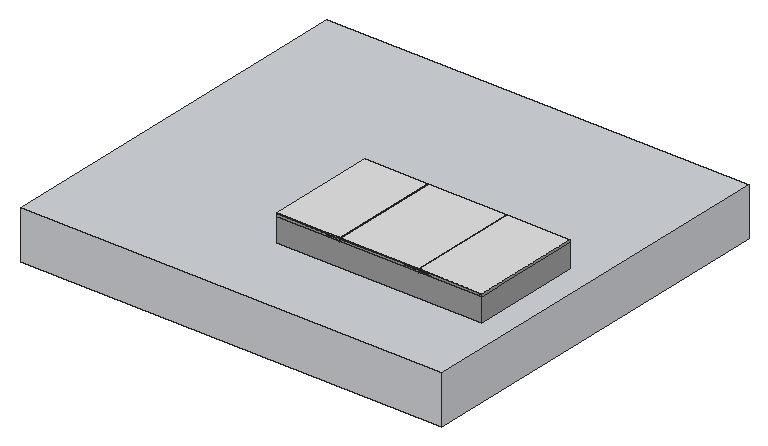
Revit family "IS_Concept_Multiproduct_BIM_GB_E0321;E0322;E0323;E0324", category Casework, host Face, Revit 2015
Parameters (values of type "E0336KP - Concept Space 1300 mm Mirror cabinet - Inox")
  WaterEfficientProduct = no
  WarrantyStartDate [instance] = "1900-12-31T23:59:59"
  WarrantyGuarantorParts = "Productinfo@thebluebook.co.uk"
  WarrantyGuarantorLabor = "n/a"
  WarrantyDurationUnit = "year"
  WarrantyDurationParts = "5"
  WarrantyDurationLabor = "n/a"
  WarrantyDescription = "Manufacturers Warranty"
  WRAS = no
  VolumeUnits = "Litres"
  Version = "1"
  Uniclass2015Version = "Products v1.1"
  Uniclass2015Title = "Bathroom cabinets"
  Uniclass2015Reference = "Pr_40_30_78_03"
  Uniclass2015Description = "Bathroom cabinets"
  Uniclass2015Code = "Pr_40_30_78_03"
  Uniclass2 = "Pr_40_30_78_03"
  URL = "www.idealspec.co.uk"
  Type Comments = "n/a"
  TagNumber [instance] = "n/a"
  TMV3 = no
  SustainabilityPerformance = "n/a"
  SpareParts = "www.fastpart-spares.co.uk"
  Space = "Internal"
  Size = "700 x 170 x 1300 mm"
  Shape = "Rectangular"
  SerialNumber [instance] = "n/a"
  Revision = "n/a"
  ReplacementCost = "n/a"
  ProductInformation = "www.idealspec.co.uk/assets/datasheet/E0336KP"
  Phone = "01482 346 461"
  NominalWidth = 1300 mm
  NominalLength = 170 mm
  NominalHeight = 700 mm
  NominalDepth = 170 mm
  NettWeight = "36 Kg"
  Name = "Furniture_ConceptSpace_E0336KP_IdealStandard"
  NBSTypeID = "n/a"
  NBSReference = "45-35-72/320"
  NBSOfficeMasterTag = "n/a"
  NBSNote = "n/a"
  NBSDescription = "Bathroom integrated furniture"
  NBSCertification = "n/a"
  ModelReference = Description  # "Concept Space 1300 mm mirror cabinet, Aluminium Effect"
  ModelNumber = Model  # "E0324KP"
  MirrorMtl = ISI_IdealStandard_Furniture_Mirror_Render
  MetalMtl = ISI_IdealStandard_Furniture_Metal_Chrome_Render
  ManufacturerURL = "www.idealspec.co.uk"
  LinearUnits = "millimeters"
  LaminateMtl = ISI_IdealStandard_Furniture_Metal_Aluminium_KP_Render
  InstallationInstructions = "www.idealspec.co.uk/resources.html"
  InstallationDate [instance] = "1900-12-31T23:59:59"
  IfcExportType = "Bathroom cabinets"
  IfcExportAs = "IfcFurnitureType"
  Help = "Productinfo@thebluebook.co.uk"
  GrossWeight = "n/a"
  Grade = "n/a"
  Finish = "Aluminium Effect"
  Features = "1300 mm mirror cabinet, Aluminium Effect"
  ExpectedLife = "30"
  DurationUnit = "year"
  DoorD = 498 mm
  DoorC2 = 398 mm
  DoorC1 = 398 mm
  CurrencyUnit = "n/a"
  CreatedOn = "2016-09-05"
  Cost = 0
  Constituents = "n/a"
  ConnectionType = "Plumbing"
  Color = "Aluminium Effect"
  CodePerformance = "FSC"
  Category = "n/a"
  Reference = "n/a"
  Model = "E0324KP"
  Manufacturer = "Ideal Standard (UK) Ltd"
  ECA = no
  Description = "Concept Space 1300 mm mirror cabinet, Aluminium Effect"
  Default Elevation = 2000 mm
  Brand = "Ideal Standard"
  BarCode = "5017830452188"
  BREEAM = no
  BIMObjectName = "ISI_IdealStandard_Furniture_ConceptSpace_E0336KP"
  Author = "Ideal Standard (UK) Ltd"
  AssetType = "Fixed"
  AssetIdentifier [instance] = "n/a"
  Assembly Code = "C1030200"
  AreaUnits = "millimeters"
  AreaMeasurement = "n/a"
  Accessories = "www.idealspec.co.uk"
  AccessibilityPerformance = "n/a"
  2Doors = yes
Types (8, lengths in mm): name | Size | ProductInformation | NominalWidth | NettWeight | Name | ModelReference | ModelNumber | LaminateMtl | Finish | Features | DoorD | DoorC2 | DoorC1 | Color | Model | Description | BarCode | BIMObjectName
  E0336KP - Concept Space 1300 mm Mirror cabinet - Inox | "700 x 170 x 1300 mm" | "www.idealspec.co.uk/assets/datasheet/E0336KP" | 1300 | "36 Kg" | "Furniture_ConceptSpace_E0336KP_IdealStandard" | "Concept Space 1300 mm mirror cabinet, Aluminium Effect" | "E0324KP" | ISI_IdealStandard_Furniture_Metal_Aluminium_KP_Render | "Aluminium Effect" | "1300 mm mirror cabinet, Aluminium Effect" | 498 | 398 | 398 | "Aluminium Effect" | "E0324KP" | "Concept Space 1300 mm mirror cabinet, Aluminium Effect" | "5017830452188" | "ISI_IdealStandard_Furniture_ConceptSpace_E0336KP"
  E0335KP - Concept Space 1000 mm Mirror cabinet - Inox | "700 x 170 x 1000 mm" | "www.idealspec.co.uk/assets/datasheet/E0335KP" | 1000 | "30 Kg" | "Furniture_ConceptSpace_E0335KP_IdealStandard" | "Concept Space 1000 mm mirror cabinet, Aluminium Effect" | "E0323KP" | ISI_IdealStandard_Furniture_Metal_Aluminium_KP_Render | "Aluminium Effect" | "1000 mm mirror cabinet, Aluminium Effect" | 398 | 298 | 298 | "Aluminium Effect" | "E0323KP" | "Concept Space 1000 mm mirror cabinet, Aluminium Effect" | "5017830452164" | "ISI_IdealStandard_Furniture_ConceptSpace_E0335KP"
  E0334WG - Concept Space 800 mm Mirror cabinet - White Gloss | "700 x 170 x 800 mm" | "www.idealspec.co.uk/assets/datasheet/E0334WG" | 800 | "24 Kg" | "Furniture_ConceptSpace_E0334WG_IdealStandard" | "Concept Space 800 mm mirror cabinet, Gloss White" | "E0322WG" | ISI_IdealStandard_Furniture_Laminate_White_WG_Render | "Gloss White" | "800 mm mirror cabinet, Gloss White" | 398 | 198 | 198 | "Gloss White" | "E0322WG" | "Concept Space 800 mm mirror cabinet, Gloss White" | "5017830452157" | "ISI_IdealStandard_Furniture_ConceptSpace_E0334WG"
  E0336WG - Concept Space 1300 mm Mirror cabinet - White Gloss | "700 x 170 x 1300 mm" | "www.idealspec.co.uk/assets/datasheet/E0336WG" | 1300 | "36 Kg" | "Furniture_ConceptSpace_E0336WG_IdealStandard" | "Concept Space 1300 mm mirror cabinet, Gloss White" | "E0324WG" | ISI_IdealStandard_Furniture_Laminate_White_WG_Render | "Gloss White" | "1300 mm mirror cabinet, Gloss White" | 498 | 398 | 398 | "Gloss White" | "E0324WG" | "Concept Space 1300 mm mirror cabinet, Gloss White" | "5017830452195" | "ISI_IdealStandard_Furniture_ConceptSpace_E0336WG"
  E0335WG - Concept Space 1000 mm Mirror cabinet - White Gloss | "700 x 170 x 1000 mm" | "www.idealspec.co.uk/assets/datasheet/E0335WG" | 1000 | "30 Kg" | "Furniture_ConceptSpace_E0335WG_IdealStandard" | "Concept Space 1000 mm mirror cabinet, Gloss White" | "E0323WG" | ISI_IdealStandard_Furniture_Laminate_White_WG_Render | "Gloss White" | "1000 mm mirror cabinet, Gloss White" | 398 | 298 | 298 | "Gloss White" | "E0323WG" | "Concept Space 1000 mm mirror cabinet, Gloss White" | "5017830452171" | "ISI_IdealStandard_Furniture_ConceptSpace_E0335WG"
  E0334KP - Concept Space 800 mm Mirror cabinet - Inox | "700 x 170 x 800 mm" | "www.idealspec.co.uk/assets/datasheet/E0334KP" | 800 | "24 Kg" | "Furniture_ConceptSpace_E0334KP_IdealStandard" | "Concept Space 800 mm mirror cabinet, Aluminium Effect" | "E0322KP" | ISI_IdealStandard_Furniture_Metal_Aluminium_KP_Render | "Aluminium Effect" | "800 mm mirror cabinet, Aluminium Effect" | 398 | 198 | 198 | "Aluminium Effect" | "E0322KP" | "Concept Space 800 mm mirror cabinet, Aluminium Effect" | "5017830452140" | "ISI_IdealStandard_Furniture_ConceptSpace_E0334KP"
  E0333KP - Concept Space 700 mm Mirror cabinet - Inox | "700 x 170 x 700 mm" | "www.idealspec.co.uk/assets/datasheet/E0333KP" | 700 | "22.5 Kg" | "Furniture_ConceptSpace_E0333KP_IdealStandard" | "Concept Space 700 mm mirror cabinet, Aluminium Effect" | "E0321KP" | ISI_IdealStandard_Furniture_Metal_Aluminium_KP_Render | "Aluminium Effect" | "700 mm mirror cabinet, Aluminium Effect" | 398 | 148 | 148 | "Aluminium Effect" | "E0321KP" | "Concept Space 700 mm mirror cabinet, Aluminium Effect" | "5017830452126" | "ISI_IdealStandard_Furniture_ConceptSpace_E0333KP"
  E0333WG - Concept Space 700 mm Mirror cabinet - White Gloss | "700 x 170 x 700 mm" | "www.idealspec.co.uk/assets/datasheet/E0333WG" | 700 | "22.5 Kg" | "Furniture_ConceptSpace_E0333WG_IdealStandard" | "Concept Space 700 mm mirror cabinet, Gloss White" | "E0321WG" | ISI_IdealStandard_Furniture_Laminate_White_WG_Render | "Gloss White" | "700 mm mirror cabinet, Gloss White" | 398 | 148 | 148 | "Gloss White" | "E0321WG" | "Concept Space 700 mm mirror cabinet, Gloss White" | "5017830452133" | "ISI_IdealStandard_Furniture_ConceptSpace_E0333WG"
Reference planes
  plane 1 "Center (Front/Back)": y = 0
  plane 2: z = 0
  plane 3 "Center (Left/Right)": x = 0
  plane 4: x = 1300
  plane 5: y = -700
  plane 6: x = 899
  plane 7: z = 148
  plane 8: z = 18
  plane 9: x = 909
  plane 10: x = 889
  plane 11: x = 979
  plane 12: x = 819
  plane 13: x = 401
  plane 14: x = 391
  plane 15: x = 321
  plane 16: x = 3
  plane 17: x = 1297
  plane 18: z = 166
  plane 19: z = 170
Forms (mm)
  Extrusion 1, solid
    sketch origin (0, 0, 0) x (1, 0, 0) y (0, 1, 0)
      loop
        line (-1219.2, 1219.2) -> (-1219.2, -1219.2) -> (1461.539, -1219.2) -> (1461.539, 1219.2) -> (-1219.2, 1219.2)
    from 0 to -304.8
  Extrusion 2, solid, material "ISI_IdealStandard_Furniture_Metal_Aluminium_KP_Render" <- "LaminateMtl"
    sketch origin (-112.22, -700, 1219.2) x (-1, 0, 0) y (0, 0, 1)
      loop
        line (-1412.22, -1071.2) -> (-1412.22, -1219.2) -> (-112.22, -1219.2) -> (-112.22, -1071.2) -> (-1412.22, -1071.2)
    from 0 to 700
  Extrusion 3, solid, material "ISI_IdealStandard_Furniture_Metal_Chrome_Render" <- "MetalMtl", visible <- "2Doors"
    sketch origin (1144.25, -4572, 170) x (1, 0, 0) y (0, 1, 0)
      loop
        line (-255.25, 3872) -> (-325.25, 3872) -> (-325.25, 3867.5)
        arc (-325.25, 3867.5) -> (-323.639, 3863.611) -> (-319.75, 3862) r 5.5
        line (-319.75, 3862) -> (-260.75, 3862)
        arc (-260.75, 3862) -> (-256.861, 3863.611) -> (-255.25, 3867.5) r 5.5
        line (-255.25, 3867.5) -> (-255.25, 3872)
    from -3 to 0
  Extrusion 4, solid, material "ISI_IdealStandard_Furniture_Metal_Chrome_Render" <- "MetalMtl", visible <- "2Doors"
    sketch origin (-348.25, -4572, 170) x (-1, 0, 0) y (0, -1, 0)
      loop
        line (-1257.25, -3872) -> (-1257.25, -3867.5)
        arc (-1257.25, -3867.5) -> (-1258.861, -3863.611) -> (-1262.75, -3862) r 5.5
        line (-1262.75, -3862) -> (-1321.75, -3862)
        arc (-1321.75, -3862) -> (-1325.639, -3863.611) -> (-1327.25, -3867.5) r 5.5
        line (-1327.25, -3867.5) -> (-1327.25, -3872) -> (-1257.25, -3872)
    from -3 to 0
  Extrusion 5, solid, material "ISI_IdealStandard_Furniture_Metal_Chrome_Render" <- "MetalMtl", visible <- "2Doors"
    sketch origin (877.847, -4572, 170) x (1, 0, 0) y (0, 1, 0)
      loop
        line (-486.847, 3872) -> (-556.847, 3872) -> (-556.847, 3867.5)
        arc (-556.847, 3867.5) -> (-555.236, 3863.611) -> (-551.347, 3862) r 5.5
        line (-551.347, 3862) -> (-492.347, 3862)
        arc (-492.347, 3862) -> (-488.457, 3863.611) -> (-486.847, 3867.5) r 5.5
        line (-486.847, 3867.5) -> (-486.847, 3872)
    from -3 to 0
  Extrusion 6, solid, material "ISI_IdealStandard_Furniture_Metal_Aluminium_KP_Render" <- "LaminateMtl"
    sketch origin (-23.303, -4572, 148) x (-1, 0, 0) y (0, -1, 0)
      loop
        line (-23.303, -4572) -> (-23.303, -3872) -> (-424.303, -3872) -> (-424.303, -4572) -> (-23.303, -4572)
    from 0 to 18
  Extrusion 7, solid, material "ISI_IdealStandard_Furniture_Metal_Aluminium_KP_Render" <- "LaminateMtl"
    sketch origin (-23.303, -4572, 149) x (-1, 0, 0) y (0, -1, 0)
      loop
        line (-424.303, -4572) -> (-424.303, -3872) -> (-922.303, -3872) -> (-922.303, -4572) -> (-424.303, -4572)
    from -1 to 17
  Extrusion 8, solid, material "ISI_IdealStandard_Furniture_Metal_Aluminium_KP_Render" <- "LaminateMtl"
    sketch origin (-23.303, -4572, 148) x (-1, 0, 0) y (0, -1, 0)
      loop
        line (-922.303, -4572) -> (-922.303, -3872) -> (-1323.303, -3872) -> (-1323.303, -4572) -> (-922.303, -4572)
    from 0 to 18
  Extrusion 9, solid, material "ISI_IdealStandard_Furniture_Mirror_Render" <- "MirrorMtl"
    sketch origin (-30.059, -4572, 166) x (-1, 0, 0) y (0, -1, 0)
      loop
        line (-30.059, -4572) -> (-30.059, -3872) -> (-431.059, -3872) -> (-431.059, -4572) -> (-30.059, -4572)
    from 0 to 4
  Extrusion 10, solid, material "ISI_IdealStandard_Furniture_Mirror_Render" <- "MirrorMtl"
    sketch origin (-30.059, -4572, 166) x (-1, 0, 0) y (0, -1, 0)
      loop
        line (-431.059, -4572) -> (-431.059, -3872) -> (-929.059, -3872) -> (-929.059, -4572) -> (-431.059, -4572)
    from 0 to 4
  Extrusion 11, solid, material "ISI_IdealStandard_Furniture_Mirror_Render" <- "MirrorMtl"
    sketch origin (-30.059, -4572, 166) x (-1, 0, 0) y (0, -1, 0)
      loop
        line (-929.059, -4572) -> (-929.059, -3872) -> (-1330.059, -3872) -> (-1330.059, -4572) -> (-929.059, -4572)
    from 0 to 4
Dimensions and locks
  "NominalWidth": plane 3 "Center (Left/Right)" to plane 4
  plane 15 to plane 14 to plane 13 = 70 mm locked, 10 mm locked
  "DoorD": plane 13 to plane 6
  plane 12 to plane 10 to plane 6 = 70 mm locked, 10 mm locked
  plane 6 to plane 9 to plane 11 = 10 mm locked, 70 mm locked
  "DoorC1": plane 16 to plane 13
  "DoorC2": plane 6 to plane 17
  locked: plane 3 "Center (Left/Right)" to plane 16 at 3
  plane 17 to plane 4 = 3 mm
  "NominalDepth": plane 19 to Extrusion 1
  "NominalHeight": plane 5 to plane 1 "Center (Front/Back)"
  aligned and locked: plane 2 to Extrusion 1
  aligned and locked: level to Extrusion 1
  aligned and locked: plane 4 to Extrusion 2 sketch curve
  aligned and locked: Extrusion 1 to Extrusion 2 sketch curve
  aligned and locked: plane 3 "Center (Left/Right)" to Extrusion 2 sketch curve
  aligned and locked: Extrusion 2 to plane 1 "Center (Front/Back)"
  aligned and locked: Extrusion 2 to plane 5
  aligned and locked: Extrusion 2 sketch curve to plane 7
  aligned and locked: plane 10 to Extrusion 3
  aligned and locked: plane 12 to Extrusion 3 sketch curve
  aligned and locked: Extrusion 4 sketch curve to plane 5
  aligned and locked: Extrusion 4 sketch curve to plane 11
  aligned and locked: plane 9 to Extrusion 4 sketch curve
  aligned and locked: plane 5 to Extrusion 5 sketch curve
  aligned and locked: Extrusion 5 sketch curve to plane 14
  aligned and locked: Extrusion 5 sketch curve to plane 15
  aligned and locked: Extrusion 6 sketch curve to Extrusion 2  (x2)
  aligned and locked: plane 5 to Extrusion 6 sketch curve
  aligned and locked: plane 13 to Extrusion 6 sketch curve
  aligned and locked: Extrusion 6 to plane 7
  aligned and locked: Extrusion 7 sketch curve to Extrusion 6  (x2)
  aligned and locked: plane 5 to Extrusion 7 sketch curve
  aligned and locked: plane 6 to Extrusion 7 sketch curve
  aligned and locked: Extrusion 7 to plane 7
  aligned and locked: Extrusion 8 sketch curve to Extrusion 7  (x2)
  aligned and locked: Extrusion 8 sketch curve to Extrusion 2  (x2)
  aligned and locked: plane 7 to Extrusion 8
  aligned and locked: Extrusion 6 to Extrusion 2
  aligned and locked: Extrusion 7 to Extrusion 2
  aligned and locked: Extrusion 8 to Extrusion 2
  aligned and locked: plane 18 to Extrusion 6
  aligned and locked: plane 18 to Extrusion 7
  aligned and locked: plane 18 to Extrusion 8
  aligned and locked: Extrusion 9 sketch curve to Extrusion 2  (x2)
  aligned and locked: Extrusion 9 sketch curve to Extrusion 7
  aligned and locked: Extrusion 9 sketch curve to Extrusion 6
  aligned and locked: Extrusion 10 sketch curve to Extrusion 7  (x3)
  aligned and locked: Extrusion 10 sketch curve to Extrusion 6
  aligned and locked: Extrusion 11 sketch curve to Extrusion 7  (x2)
  aligned and locked: Extrusion 11 sketch curve to Extrusion 2  (x2)
  aligned and locked: Extrusion 9 to Extrusion 5
  aligned and locked: Extrusion 9 to Extrusion 6
  aligned and locked: Extrusion 10 to Extrusion 7
  aligned and locked: Extrusion 10 to Extrusion 3
  aligned and locked: plane 19 to Extrusion 11
  aligned and locked: Extrusion 11 to Extrusion 8
Automatic sketch dimensions
  Extrusion 1 sketch curve to Extrusion 1 sketch curve = 2680.739 mm
  Extrusion 1 sketch curve to Extrusion 1 sketch curve = 2438.4 mm
  Extrusion 3 sketch curve to plane 5 = 0 mm
  Extrusion 3 sketch curve to plane 10 = 0 mm
  Extrusion 3 sketch curve to plane 12 = 5.5 mm
  Extrusion 3 sketch curve to plane 5 = 4.5 mm
  Extrusion 3 sketch curve to Extrusion 3 sketch curve = 5.5 mm
  Extrusion 4 sketch curve to plane 11 = 5.5 mm
  Extrusion 4 sketch curve to plane 5 = 4.5 mm
  Extrusion 4 sketch curve to Extrusion 4 sketch curve = 5.5 mm
  plane 15 to Extrusion 5 sketch curve = 5.5 mm
  Extrusion 5 sketch curve to plane 5 = 4.5 mm
  Extrusion 5 sketch curve to Extrusion 5 sketch curve = 5.5 mm
